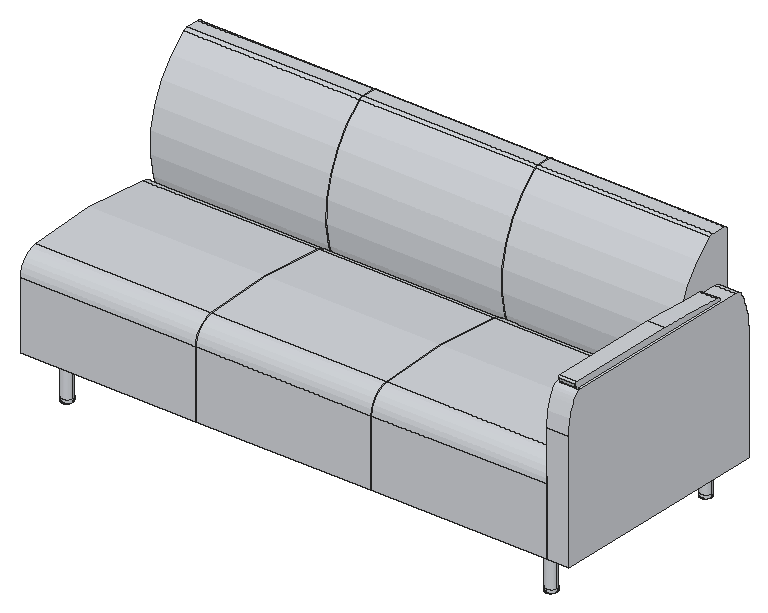
Revit family "Seat-LaZBoy-Assymble_Lounge_Seating-AS32R", category Furniture, Revit 2017
Family settings
  OmniClass Number = 23.40.20.00
  OmniClass Title = General Furniture and Specialties
  Work Plane-Based = No
  Always vertical = Yes
  Cut with Voids When Loaded = No
  Shared = No
  Room Calculation Point = No
Parameters (values of type "Solid Surface Arms Caps")
  Width = 75.00"  # constant formula
  URL = "https://www.la-z-boy.com/"
  Seat Material [instance] = none
  Product Documentation Link = "URL"
  Model = "AS32RJ"
  Manufacturer = "LaZBoy"
  Height = 32.75"  # constant formula
  Description = "3 Seat Lounge Chair, Right Side Facing with Solid Surface Arms Caps"
  Depth = 30.75"  # constant formula
  Copyright © = "Inc"
  Back Material [instance] = none
  Assembly Code = "E2020200"
  Armcap Material [instance] = none
  Arm Material [instance] = none
Types (4): name | Model | Description
  Upholstered Arms | "AS32RF" | "3 Seat Lounge Chair, Right Side Facing with Upholstered Arms"
  Urethane Arms Caps | "AS32RU" | "3 Seat Lounge Chair, Right Side Facing with Urethane Arms Caps"
  Wood Arms Caps | "AS32RW" | "3 Seat Lounge Chair, Right Side Facing with Wood Arms Caps"
  Solid Surface Arms Caps | "AS32RJ" | "3 Seat Lounge Chair, Right Side Facing with Solid Surface Arms Caps"
Reference planes (in)
  plane 1 "Center (Front/Back)": y = 0
  plane 2: z = 0
  plane 3 "Center (Left/Right)": x = 0
  plane 4: y = -15.375
  plane 5: z = 32.75
  plane 6: y = 15.375
  plane 7: x = -37.5
  plane 8: x = 37.5
  plane 9: z = 5.39888
  plane 10: x = -13.5
  plane 11: x = 10.5
  plane 12: x = 34.5
  plane 13 "glide 1": y = -12.84321
  plane 14 "glide 2": y = 13.59321
  plane 15: x = -33.11938
Forms (in)
  Extrusion 1, solid, material <- "Back Material"
    sketch origin (0, 0, 0) x (0, 1, 0) y (0, 0, 1)
      loop
        line (15.375, 5.39888) -> (15.375, 32.4)
        arc (15.375, 32.4) -> (15.27249, 32.64749) -> (15.025, 32.75) r 0.35
        line (15.025, 32.75) -> (13.18257, 32.75)
        arc (13.18257, 32.75) -> (12.88654, 32.70048) -> (12.62275, 32.55731) r 0.90955
        arc (12.62275, 32.55731) -> (7.27087, 24.12175) -> (8.46181, 14.20293) r 14.8761
        arc (8.46181, 14.20293) -> (10.29749, 9.8942) -> (11.61161, 5.39888) r 39.59734
        line (11.61161, 5.39888) -> (15.375, 5.39888)
    from -37.5 to -13.5
  Extrusion 2, solid, material <- "Seat Material"
    sketch origin (0, 0, 0) x (0, 1, 0) y (0, 0, 1)
      loop
        line (-15.375, 5.39888) -> (11.61161, 5.39888)
        arc (11.61161, 5.39888) -> (9.9596, 10.8034) -> (7.55503, 15.9177) r 39.59734
        arc (7.55503, 15.9177) -> (6.71811, 16.83642) -> (5.56221, 17.29288) r 2.75
        arc (5.56221, 17.29288) -> (-3.58084, 18.03171) -> (-12.7401, 17.53243) r 67.9538
        arc (-12.7401, 17.53243) -> (-14.6217, 16.54278) -> (-15.375, 14.55473) r 3
        line (-15.375, 14.55473) -> (-15.375, 5.39888)
    from -37.5 to -13.5
  Extrusion 3, solid
    sketch origin (0, 0, 0) x (1, 0, 0) y (0, 1, 0)
      loop
        circle (-33.11938, 13.59321) r 0.75
      loop
        circle (33.11938, 13.59321) r 0.75
      loop
        circle (-33.11938, -12.84321) r 0.75
      loop
        circle (33.11938, -12.84321) r 0.75
    from 0 to 5.39888
  Extrusion 4, solid, material <- "Back Material"
    sketch origin (0, 0, 0) x (0, 1, 0) y (0, 0, -1)
      loop
        line (15.375, -5.39888) -> (11.61161, -5.39888)
        arc (11.61161, -5.39888) -> (10.29749, -9.8942) -> (8.46181, -14.20293) r 39.59734
        arc (8.46181, -14.20293) -> (7.27087, -24.12175) -> (12.62275, -32.55731) r 14.8761
        arc (12.62275, -32.55731) -> (12.88654, -32.70048) -> (13.18257, -32.75) r 0.90955
        line (13.18257, -32.75) -> (15.025, -32.75)
        arc (15.025, -32.75) -> (15.27249, -32.64749) -> (15.375, -32.4) r 0.35
        line (15.375, -32.4) -> (15.375, -5.39888)
    from -34.5 to -10.5
  Extrusion 5, solid, material <- "Seat Material"
    sketch origin (0, 0, 0) x (0, 1, 0) y (0, 0, -1)
      loop
        line (-15.375, -5.39888) -> (-15.375, -14.55473)
        arc (-15.375, -14.55473) -> (-14.6217, -16.54278) -> (-12.7401, -17.53243) r 3
        arc (-12.7401, -17.53243) -> (-3.58084, -18.03171) -> (5.56221, -17.29288) r 67.9538
        arc (5.56221, -17.29288) -> (6.71811, -16.83642) -> (7.55503, -15.9177) r 2.75
        arc (7.55503, -15.9177) -> (9.9596, -10.8034) -> (11.61161, -5.39888) r 39.59734
        line (11.61161, -5.39888) -> (-15.375, -5.39888)
    from -34.5 to -10.5
  Extrusion 6, solid, material <- "Back Material"
    sketch origin (-23, 0, 0) x (0, 1, 0) y (0, 0, -1)
      loop
        line (15.375, -5.39888) -> (11.61161, -5.39888)
        arc (11.61161, -5.39888) -> (10.29749, -9.8942) -> (8.46181, -14.20293) r 39.59734
        arc (8.46181, -14.20293) -> (7.27087, -24.12175) -> (12.62275, -32.55731) r 14.8761
        arc (12.62275, -32.55731) -> (12.88654, -32.70048) -> (13.18257, -32.75) r 0.90955
        line (13.18257, -32.75) -> (15.025, -32.75)
        arc (15.025, -32.75) -> (15.27249, -32.64749) -> (15.375, -32.4) r 0.35
        line (15.375, -32.4) -> (15.375, -5.39888)
    from -33.5 to -9.5
  Extrusion 7, solid, material <- "Seat Material"
    sketch origin (-23, 0, 0) x (0, 1, 0) y (0, 0, -1)
      loop
        line (-15.375, -5.39888) -> (-15.375, -14.55473)
        arc (-15.375, -14.55473) -> (-14.6217, -16.54278) -> (-12.7401, -17.53243) r 3
        arc (-12.7401, -17.53243) -> (-3.58084, -18.03171) -> (5.56221, -17.29288) r 67.9538
        arc (5.56221, -17.29288) -> (6.71811, -16.83642) -> (7.55503, -15.9177) r 2.75
        arc (7.55503, -15.9177) -> (9.9596, -10.8034) -> (11.61161, -5.39888) r 39.59734
        line (11.61161, -5.39888) -> (-15.375, -5.39888)
    from -33.5 to -9.5
  Revolve 8, solid
    sketch origin (-22.65625, -12.84321, 0) x (1, 0, 0) y (0, 0, 1)
      loop
        line (-10.46313, 0) -> (-9.72414, 0)
        arc (-9.72414, 0) -> (-9.68834, 0.01483) -> (-9.67351, 0.05064) r 0.05064
        line (-9.67351, 0.05064) -> (-9.67351, 0.40859) -> (-10.46313, 0.40859) -> (-10.46313, 0)
      axis (-10.46313, 0.40859) -> (-10.46313, 0)
    angle from 0 to 360
  Revolve 9, solid
    sketch origin (22.65625, -12.84321, 0) x (-1, 0, 0) y (0, 0, 1)
      loop
        line (-10.46313, 0) -> (-9.72414, 0)
        arc (-9.72414, 0) -> (-9.68834, 0.01483) -> (-9.67351, 0.05064) r 0.05064
        line (-9.67351, 0.05064) -> (-9.67351, 0.40859) -> (-10.46313, 0.40859) -> (-10.46313, 0)
      axis (-10.46313, 0.40859) -> (-10.46313, 0)
    angle from 0 to 360
  Revolve 10, solid
    sketch origin (0, 13.59321, 0) x (1, 0, 0) y (0, 0, 1)
      loop
        line (-33.11938, 0) -> (-32.38039, 0)
        arc (-32.38039, 0) -> (-32.34459, 0.01483) -> (-32.32976, 0.05064) r 0.05064
        line (-32.32976, 0.05064) -> (-32.32976, 0.40859) -> (-33.11938, 0.40859) -> (-33.11938, 0)
      axis (-33.11938, 0.40859) -> (-33.11938, 0)
    angle from 0 to 360
  Revolve 11, solid
    sketch origin (0, 13.59321, 0) x (1, 0, 0) y (0, 0, 1)
      loop
        line (33.11938, 0) -> (33.11938, 0.40859) -> (32.32976, 0.40859) -> (32.32976, 0.05064)
        arc (32.32976, 0.05064) -> (32.34459, 0.01483) -> (32.38039, 0) r 0.05064
        line (32.38039, 0) -> (33.11938, 0)
      axis (33.11938, 0.40859) -> (33.11938, 0)
    angle from 0 to 360
Lines and regions (in)
  Masking region 1
    outline origin (0, 0, 0) x (1, 0, 0) y (0, 1, 0)
      loop
        line (-37.5, 15.375) -> (-37.5, -15.375) -> (34.5, -15.375) -> (34.5, 15.375) -> (-37.5, 15.375)
  symbolic lines, detail levels fine
    curve 1: line (34.5, 11.61161, 0) -> (-37.5, 11.61161, 0)
  symbolic lines, detail levels medium+fine
    curve 2: line (-37.5, 6.90274, 0) -> (34.5, 6.90274, 0)
    curve 3: line (10.5, 15.375, 0) -> (10.5, -15.375, 0)
    curve 4: line (-13.5, 15.025, 0) -> (-13.5, -15.375, 0)
Dimensions and locks (in)
  equal spacing: plane 6, plane 1 "Center (Front/Back)", plane 4
  equal spacing: plane 7, plane 3 "Center (Left/Right)", plane 8
  "Width": plane 7 to plane 8
  "Depth": plane 4 to plane 6
  "Height": plane 5 to plane 2
  plane 6 to Extrusion 3 sketch curve = 1.78179"
  locked: plane 7 to Extrusion 3 sketch curve at 4.38062
  locked: plane 9 to plane 2 at 5.39888
  equal spacing: plane 7, plane 10, plane 11, plane 12
  locked: plane 12 to plane 8 at 3
  locked: plane 14 "glide 2" to plane 6 at 1.78179
  locked: plane 4 to plane 13 "glide 1" at 2.53179
  aligned and locked: level to plane 2
  aligned and locked: plane 3 "Center (Left/Right)" to nested 1
  aligned and locked: plane 1 "Center (Front/Back)" to nested 1
  aligned and locked: plane 6 to Extrusion 1 sketch curve
  aligned and locked: Extrusion 3 to plane 9
  aligned and locked: Masking region 1 sketch curve to plane 6
  aligned and locked: Masking region 1 sketch curve to plane 4
  aligned and locked: curve 1 to Extrusion 2
  aligned and locked: curve 3 to plane 11
  aligned and locked: plane 6 to curve 3
  aligned and locked: plane 4 to curve 3
  aligned and locked: plane 10 to Extrusion 1
  aligned and locked: plane 10 to Extrusion 2
  aligned and locked: Extrusion 4 to plane 11
  aligned and locked: Extrusion 5 to plane 11
  aligned and locked: Extrusion 6 to plane 10
  aligned and locked: plane 11 to Extrusion 6
  aligned and locked: Extrusion 7 to plane 10
  aligned and locked: plane 11 to Extrusion 7
  aligned and locked: curve 4 to plane 10
  aligned and locked: Masking region 1 sketch curve to plane 7
  aligned and locked: Masking region 1 sketch curve to plane 12
  aligned and locked: Extrusion 2 to plane 7
  aligned and locked: Extrusion 1 to plane 7
  aligned and locked: Extrusion 5 to plane 12
  aligned and locked: plane 12 to Extrusion 4
  aligned and locked: plane 7 to curve 2
  aligned and locked: plane 7 to curve 1
Automatic sketch dimensions
  curve 2 to plane 12 = 0.00"
  curve 1 to plane 12 = 0.00"
  plane 4 to curve 4 = 0.00"
  curve 2 to curve 1 = 4.70887"
  curve 4 to plane 6 = 0.35"
  Extrusion 1 sketch curve to plane 9 = 0.00"
  Extrusion 1 sketch curve to plane 5 = 0.00"
  Extrusion 1 sketch curve to plane 5 = 0.35"
  plane 14 "glide 2" to Extrusion 1 sketch curve = 0.41064"
  plane 14 "glide 2" to Extrusion 1 sketch curve = 1.9816"
  Extrusion 1 sketch curve to level = 3.44449"
  plane 4 to Extrusion 1 sketch curve = 11.61059"
  plane 6 to Extrusion 1 sketch curve = 6.40384"
  Extrusion 1 sketch curve to plane 5 = 11.91722"
  Extrusion 1 sketch curve to plane 5 = 0.90955"
  Extrusion 1 sketch curve to Extrusion 1 sketch curve = 0.00"
  Extrusion 2 sketch curve to plane 4 = 0.00"
  Extrusion 2 sketch curve to plane 9 = 0.00"
  Extrusion 2 sketch curve to level = 3.44449"
  plane 4 to Extrusion 2 sketch curve = 11.61059"
  Extrusion 2 sketch curve to plane 13 "glide 1" = 0.46821"
  plane 1 "Center (Front/Back)" to Extrusion 2 sketch curve = 4.47018"
  Extrusion 2 sketch curve to plane 1 "Center (Front/Back)" = 5.15622"
  plane 14 "glide 2" to Extrusion 2 sketch curve = 1.9816"
  Extrusion 2 sketch curve to level = 49.91627"
  Extrusion 2 sketch curve to Extrusion 2 sketch curve = 9.15585"
  plane 9 to Extrusion 2 sketch curve = 9.17414"
  Extrusion 2 sketch curve to Extrusion 2 sketch curve = 0.00"  (x2)
  plane 13 "glide 1" to Extrusion 3 sketch curve = 0.00"  (x2)
  Extrusion 3 sketch curve to plane 15 = 0.00"
  plane 14 "glide 2" to Extrusion 3 sketch curve = 0.00"
  Extrusion 3 sketch curve to plane 12 = 1.38062"  (x2)
  Extrusion 4 sketch curve to plane 9 = 0.00"
  Extrusion 4 sketch curve to plane 5 = 0.00"
  Extrusion 4 sketch curve to plane 6 = 0.00"
  Extrusion 4 sketch curve to plane 5 = 0.35"
  plane 14 "glide 2" to Extrusion 4 sketch curve = 0.41064"
  plane 14 "glide 2" to Extrusion 4 sketch curve = 1.9816"
  Extrusion 4 sketch curve to level = 3.44449"
  plane 4 to Extrusion 4 sketch curve = 11.61059"
  plane 6 to Extrusion 4 sketch curve = 6.40384"
  Extrusion 4 sketch curve to plane 5 = 0.90955"
  Extrusion 4 sketch curve to plane 5 = 11.91722"
  Extrusion 4 sketch curve to Extrusion 4 sketch curve = 0.00"
  Extrusion 5 sketch curve to plane 4 = 0.00"
  Extrusion 5 sketch curve to plane 9 = 0.00"
  Extrusion 5 sketch curve to level = 3.44449"
  plane 4 to Extrusion 5 sketch curve = 11.61059"
  Extrusion 5 sketch curve to plane 13 "glide 1" = 0.46821"
  plane 1 "Center (Front/Back)" to Extrusion 5 sketch curve = 4.47018"
  Extrusion 5 sketch curve to plane 1 "Center (Front/Back)" = 5.15622"
  plane 14 "glide 2" to Extrusion 5 sketch curve = 1.9816"
  Extrusion 5 sketch curve to Extrusion 5 sketch curve = 9.15585"
  plane 9 to Extrusion 5 sketch curve = 9.17414"
  Extrusion 5 sketch curve to level = 49.91627"
  Extrusion 5 sketch curve to Extrusion 5 sketch curve = 0.00"  (x2)
  Extrusion 6 sketch curve to plane 9 = 0.00"
  Extrusion 6 sketch curve to plane 5 = 0.00"
  Extrusion 6 sketch curve to plane 6 = 0.00"
  Extrusion 6 sketch curve to plane 5 = 0.35"
  plane 14 "glide 2" to Extrusion 6 sketch curve = 0.41064"
  plane 14 "glide 2" to Extrusion 6 sketch curve = 1.9816"
  Extrusion 6 sketch curve to level = 3.44449"
  plane 4 to Extrusion 6 sketch curve = 11.61059"
  plane 6 to Extrusion 6 sketch curve = 6.40384"
  Extrusion 6 sketch curve to plane 5 = 0.90955"
  Extrusion 6 sketch curve to plane 5 = 11.91722"
  Extrusion 6 sketch curve to Extrusion 6 sketch curve = 0.00"
  Extrusion 7 sketch curve to plane 4 = 0.00"
  Extrusion 7 sketch curve to plane 9 = 0.00"
  Extrusion 7 sketch curve to level = 3.44449"
  plane 4 to Extrusion 7 sketch curve = 11.61059"
  Extrusion 7 sketch curve to plane 13 "glide 1" = 0.46821"
  plane 1 "Center (Front/Back)" to Extrusion 7 sketch curve = 4.47018"
  Extrusion 7 sketch curve to plane 1 "Center (Front/Back)" = 5.15622"
  plane 14 "glide 2" to Extrusion 7 sketch curve = 1.9816"
  plane 9 to Extrusion 7 sketch curve = 9.15585"
  plane 9 to Extrusion 7 sketch curve = 9.17414"
  Extrusion 7 sketch curve to level = 49.91627"
  Extrusion 7 sketch curve to Extrusion 7 sketch curve = 0.00"  (x2)
  Revolve 8 sketch curve to plane 15 = 0.00"  (x2)
  Revolve 8 sketch curve to level = 0.00"
  plane 15 to Revolve 8 sketch curve = 0.73899"
  level to Revolve 8 sketch curve = 0.05064"
  Revolve 8 sketch curve to Revolve 8 sketch curve = 0.35795"
  Revolve 8 sketch curve to level = 0.50"
  Revolve 8 sketch curve to Revolve 8 sketch curve = 1.34141"
  Revolve 9 sketch curve to level = 0.00"
  plane 12 to Revolve 9 sketch curve = 1.38062"
  Revolve 9 sketch curve to Revolve 9 sketch curve = 0.73899"
  Revolve 9 sketch curve to level = 0.05064"
  Revolve 9 sketch curve to Revolve 9 sketch curve = 0.35795"
  Revolve 9 sketch curve to Revolve 9 sketch curve = 0.00"
  Revolve 9 sketch curve to Revolve 9 sketch curve = 0.50"
  Revolve 9 sketch curve to Revolve 9 sketch curve = 1.34141"
  Revolve 10 sketch curve to plane 15 = 0.00"  (x2)
  Revolve 10 sketch curve to level = 0.00"
  plane 15 to Revolve 10 sketch curve = 0.73899"
  Revolve 10 sketch curve to Revolve 10 sketch curve = 0.05064"
  Revolve 10 sketch curve to Revolve 10 sketch curve = 0.35795"
  Revolve 10 sketch curve to level = 0.50"
  Revolve 10 sketch curve to Revolve 10 sketch curve = 1.34141"
  Revolve 11 sketch curve to level = 0.00"
  level to Revolve 11 sketch curve = 0.40859"
  Revolve 11 sketch curve to plane 12 = 2.17024"
  Revolve 11 sketch curve to Revolve 11 sketch curve = 0.05064"
  Revolve 11 sketch curve to Revolve 11 sketch curve = 0.73899"
  Revolve 11 sketch curve to Revolve 11 sketch curve = 0.00"
  Revolve 11 sketch curve to Revolve 11 sketch curve = 0.50"
  Revolve 11 sketch curve to Revolve 11 sketch curve = 1.34141"
  radius of Extrusion 3 sketch curve = 0.75"  (x4)
Nested families (in)
  nested 1: "Label 1-16" at (0, 0, 0), type "Center", detail levels fine
    with Offset (LR) 0.00"
  nested 2: "Leg-Assymble-AS" at (36, -0.42331, 0) x (-1, 0, 0) z (0, 0, 1), type "Standard"
    with With Armcap yes
Definition of nested family "Leg-Assymble-AS"
  Parameters (values of type "Standard")
    With Armcap [instance] = yes
    URL = ""
    On Legs = yes
    Model = ""
    Manufacturer = ""
    Description = ""
    Depth = 30.75"
    Assembly Code = "E2020200"
    Armcap Material = none
    Arm Material = none
  Reference planes (in)
    plane 1 "Center (Front/Back)": y = 0.42331
    plane 2: z = 0
    plane 3 "Center (Left/Right)": x = 0
    plane 4: y = -14.95169
    plane 5: y = 15.79831
    plane 6 "Top": z = 26.39888
    plane 7: z = 5.39888
    plane 8: x = -1.5
    plane 9: x = 1.5
    plane 10: z = 27.20597
  Forms (in)
    Extrusion 1, solid, material <- "Arm Material"
      sketch origin (0, 0, 0) x (0, 1, 0) y (0, 0, 1)
        loop
          line (-14.95169, 5.39888) -> (15.79831, 5.39888) -> (15.79831, 21.43599)
          spline (15.79831, 21.43599) -> (15.76797, 22.12079) -> (15.68527, 22.75327) -> (15.5627, 23.33665) -> (15.41272, 23.87418) -> (15.24784, 24.36908) -> (15.08052, 24.8246) -> (14.92237, 25.24351) -> (14.76729, 25.61955) -> (14.59281, 25.93806) -> (14.37586, 26.1841) -> (14.09335, 26.34269) -> (13.7222, 26.39888)
          line (13.7222, 26.39888) -> (-12.87557, 26.39888)
          spline (-12.87557, 26.39888) -> (-13.24672, 26.34269) -> (-13.52924, 26.1841) -> (-13.74619, 25.93806) -> (-13.92066, 25.61955) -> (-14.07574, 25.24351) -> (-14.23389, 24.8246) -> (-14.40121, 24.36908) -> (-14.5661, 23.87418) -> (-14.71607, 23.33665) -> (-14.83865, 22.75327) -> (-14.92135, 22.12079) -> (-14.95169, 21.43599)
          line (-14.95169, 21.43599) -> (-14.95169, 5.39888)
      from -1.5 to 1.5
    Extrusion 2, solid, material <- "Armcap Material", visible <- "With Armcap"
      sketch origin (0, 0, 0) x (0, 1, 0) y (0, 0, 1)
        loop
          line (-13.01699, 26.39888) -> (11.3584, 26.39888)
          arc (11.3584, 26.39888) -> (11.2289, 26.74416) -> (10.89493, 26.90053) r 0.48849
          line (10.89493, 26.90053) -> (10.8547, 26.90258)
          spline (10.8547, 26.90258) -> (9.81368, 26.95548) -> (8.97711, 26.99748) -> (8.27856, 27.03149) -> (7.65189, 27.06036) -> (7.04399, 27.08607) -> (6.41901, 27.10935) -> (5.74229, 27.13088) -> (4.97919, 27.15133) -> (4.10521, 27.17117) -> (3.20988, 27.18881) -> (2.45429, 27.20138) -> (2.00065, 27.20597)
          line (2.00065, 27.20597) -> (-13.10453, 27.20597)
          arc (-13.10453, 27.20597) -> (-13.26936, 27.11925) -> (-13.29125, 26.9343) r 0.2
          line (-13.29125, 26.9343) -> (-13.11035, 26.46304)
          arc (-13.11035, 26.46304) -> (-13.07363, 26.41646) -> (-13.01699, 26.39888) r 0.1
      from -1.18 to 1.18
  Lines and regions (in)
    Masking region 1
      outline origin (0, 0, 0) x (1, 0, 0) y (0, 1, 0)
        loop
          line (-1.5, 15.79831) -> (-1.5, -14.95169) -> (1.5, -14.95169) -> (1.5, 15.79831) -> (-1.5, 15.79831)
    symbolic lines, visible <- "With Armcap"
      curve 1: line (-1.18, 11.3584, 0) -> (-1.18, -13.30453, 0)
      curve 2: line (1.18, -13.30453, 0) -> (1.18, 11.3584, 0)
      curve 3: arc (-1.18, -13.30453, 0) -> (0, -13.34619, 0) -> (1.18, -13.30453, 0) r 16.73286
    symbolic lines
      curve 4: arc (-1.18, 11.3584, 0) -> (0, 11.42098, 0) -> (1.18, 11.3584, 0) r 11.15659
  Dimensions and locks (in)
    plane 6 "Top" to plane 7 to plane 2 = 21.00" locked, 5.39888" locked
    equal spacing: plane 4, plane 1 "Center (Front/Back)", plane 5
    "Depth": plane 4 to plane 5
    equal spacing: plane 8, plane 3 "Center (Left/Right)", plane 9
    plane 8 to plane 3 "Center (Left/Right)" = 1.50"
    locked: plane 10 to plane 6 "Top" at 0.80709
    equal spacing: Extrusion 2, plane 3 "Center (Left/Right)", Extrusion 2
    locked: Extrusion 2 sketch curve to plane 4 at 1.84715
    aligned and locked: level to plane 2
    aligned and locked: plane 7 to Extrusion 1 sketch curve
    aligned and locked: plane 5 to Extrusion 1 sketch curve
    aligned and locked: plane 4 to Extrusion 1 sketch curve
    aligned and locked: plane 6 "Top" to Extrusion 1 sketch curve
    aligned and locked: plane 8 to Extrusion 1
    aligned and locked: plane 9 to Extrusion 1
    aligned and locked: plane 6 "Top" to Extrusion 2 sketch curve
    aligned and locked: Masking region 1 sketch curve to plane 4
    aligned and locked: Masking region 1 sketch curve to plane 5
    aligned and locked: Masking region 1 sketch curve to plane 8
    aligned and locked: Masking region 1 sketch curve to plane 9
    aligned and locked: Extrusion 2 to curve 1
    aligned and locked: curve 2 to Extrusion 2
  Automatic sketch dimensions
    Extrusion 1 sketch curve to plane 5 = 2.07612"
    plane 6 "Top" to Extrusion 1 sketch curve = 4.96288"  (x2)
    Extrusion 1 sketch curve to plane 4 = 2.07612"
    curve 3 to plane 3 "Center (Left/Right)" = 0.00"
    curve 1 to plane 4 = 1.64715"
    plane 1 "Center (Front/Back)" to curve 4 = 0.15892"
    curve 3 to plane 1 "Center (Front/Back)" = 2.96335"
    curve 1 to plane 5 = 4.43991"
    curve 1 to curve 2 = 0.00"
    plane 10 to Extrusion 2 sketch curve = 0.00"
    Extrusion 2 sketch curve to plane 6 "Top" = 0.06416"
    Extrusion 2 sketch curve to Extrusion 2 sketch curve = 0.00582"
    plane 10 to Extrusion 2 sketch curve = 0.27167"
    Extrusion 2 sketch curve to Extrusion 2 sketch curve = 0.18672"
    Extrusion 2 sketch curve to Extrusion 2 sketch curve = 0.09336"
    Extrusion 2 sketch curve to plane 1 "Center (Front/Back)" = 1.57734"
    plane 10 to Extrusion 2 sketch curve = 0.30339"
    Extrusion 2 sketch curve to plane 5 = 4.94361"
    Extrusion 2 sketch curve to plane 6 "Top" = 0.01379"
    Extrusion 2 sketch curve to Extrusion 2 sketch curve = 0.0154"
    plane 10 to Extrusion 2 sketch curve = 0.30544"
    Extrusion 2 sketch curve to Extrusion 2 sketch curve = 0.04023"
Definition of nested family "Label 1-16"
  Parameters (values of type "Center")
    P_Width = 0.00"
    Text_Width = "Empty"
    Text_Height = "Empty"
    Text_Diameter = "Empty"
    Text_Depth = "Empty"
    Offset (LR) [instance] = 0.00"
    Model Name = "6961"
    P_Height = 0.00"
    Distance of Center (not Change) = 0.00"
    P_Diameter = 0.00"
    P_Depth = 0.00"
  Reference planes (in)
    plane 1: y = 0
    plane 2: x = 0
  Lines and regions (in)
    reference lines
      curve 1: line (-0.44359, 0, 0) -> (0.41085, 0, 0)
      curve 3: line (0, 0.32564, 0) -> (0, -0.40221, 0)
    reference lines, not visible
      curve 2: line (-0.44359, 0.09843, 0) -> (0.41085, 0.09843, 0)
      curve 4: line (0, 0.42407, 0) -> (0, -0.30379, 0)
  Text (in)
    label "Empty" at (0.00197, -0.0079, 0), shows "Model Name"
    label "Empty" at (0.00197, 0.09052, 0), shows "Model Name", not visible
  Dimensions and locks (in)
    "Distance of Center (not Change)": plane 1 to curve 1
    "Offset (LR)": curve 3 to plane 2
  Automatic sketch dimensions
    curve 1 to curve 3 = 0.44359"
    curve 3 to curve 1 = 0.41085"
    curve 3 to curve 1 = 0.40221"
    curve 1 to curve 3 = 0.32564"
    curve 2 to curve 4 = 0.44359"
    curve 4 to curve 2 = 0.41085"
    curve 4 to curve 2 = 0.40221"
    curve 2 to curve 4 = 0.32564"
